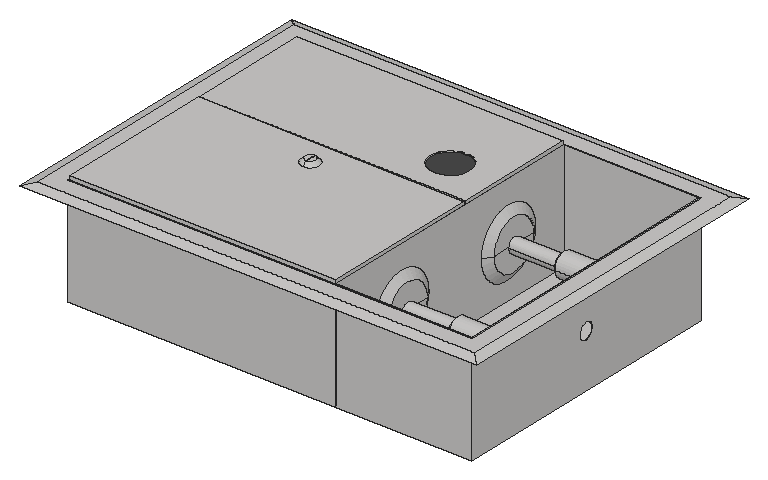
Revit family "xToilet_Tissue_Napkin_Dispenser-Bobrick-ClassicSeries-B-3094", category Specialty Equipment, host Face, Revit 2014
Parameters (values of type "B-3094")
  Width = 17 3/16"
  Warranty Information = "One Year Limited Warranty"
  URL = "http://bobrick.com/"
  Type Comments = ""
  Specification = "Recessed sanitary napkin disposal and toilet tissue dispenser shall be type-304 stainless steel with all-welded construction; exposed surfaces shall have satin finish. Flange shall be drawn and beveled, one-piece, seamless construction. Self-closing disposal panel shall be secured to cabinet with a spring-loaded, full-length stainless steel piano-hinge and equipped with an international graphic symbol identifying napkin disposal. Removable waste receptacle shall be equipped with a tumbler lock keyed like other Bobrick washroom accessories and shall have a minimum capacity of 3/4-gal. (2.8-L). Unit shall be equipped with two chrome-plated plastic toilet tissue spindles that hold standard-core rolls up to 5-1/4'' (135mm) diameter (1800 sheets)."
  Product Page URL = "http://bobrick.com/washroomaccessories/Pages/ProductDetails.aspx?Product+Number=B-3094"
  Product Documentation Link = "http://bobrick.com/Documents/B-3094_td.pdf"
  Price = "Prices may vary. Please consult Manufacturer Representative for most up-to-date price list."  # constant formula
  Model = "B-3094"
  Material = "Stainless Steel-Bobrick-Type 304-Satin"
  Manufacturer = "Bobrick Washroom Equipment, Inc."
  Length = 4 1/4"
  Installation Type = "Recessed"
  Height = 12 3/4"
  Description = "ClassicSeries® Recessed Sanitary Napkin Disposal and Toilet Tissue Dispenser"
  Default Elevation = 30"
  Creation Date = "09/07/2017"
  Assembly Code = "E1010"
  ADA Compliant = yes
Reference planes (in)
  plane 1 "Center (Front/Back)": y = 0
  plane 2: z = 0
  plane 3 "Center (Left/Right)": x = 0
  plane 4: y = -10.75
  plane 5: y = -5.375
  plane 6: x = -7.59375
  plane 7: x = 7.59375
  plane 8: x = -8.59375
  plane 9: x = 8.59375
  plane 10: y = 1
  plane 11: y = -11.75
  plane 12: z = 0.25
  plane 13: z = -4
  plane 14: z = -2
Forms (in)
  Blend 1, solid, material "Stainless Steel-Bobrick-Type 304-Satin"
    base sketch origin (30.97806, 19.6614, -4.1875) x (1, 0, 0) y (0, 1, 0)
      loop
        line (-39.57181, -18.6614) -> (-39.57181, -31.4114) -> (-22.38431, -31.4114) -> (-22.38431, -18.6614) -> (-39.57181, -18.6614)
    top sketch origin (30.97806, 19.6614, -4.1875) x (1, 0, 0) y (0, 1, 0)
      loop
        line (-22.75931, -19.0364) -> (-39.19681, -19.0364) -> (-39.19681, -31.0364) -> (-22.75931, -31.0364) -> (-22.75931, -19.0364)
    from 4.1875 to 4.31252
  Extrusion 2, solid, material "Stainless Steel-Bobrick-Type 304-Satin"
    sketch origin (0, 0, 0) x (1, 0, 0) y (0, 1, 0)
      loop
        line (-7.59375, 0) -> (-7.59375, -10.75) -> (7.59375, -10.75) -> (7.59375, 0) -> (-7.59375, 0)
      loop
        line (7.5625, -10.71875) -> (7.5625, -0.03125) -> (2.46284, -0.03125) -> (2.46284, -10.71875) -> (7.5625, -10.71875)
      loop
        line (-7.5625, -0.03125) -> (-7.5625, -10.71875) -> (2.43159, -10.71875) -> (2.43159, -0.03125) -> (-7.5625, -0.03125)
    from -4 to 0.12502
  Extrusion 3, solid, material "Stainless Steel-Bobrick-Type 304-Satin"
    sketch origin (0, 0, 0) x (1, 0, 0) y (0, 1, 0)
      loop
        line (2.43159, -0.032) -> (-7.56175, -0.032) -> (-7.56175, -4.59874) -> (2.43159, -4.59874) -> (2.43159, -0.032)
      loop
        line (2.43159, -10.718) -> (2.43159, -4.66274) -> (-7.56175, -4.66274) -> (-7.56175, -10.718) -> (2.43159, -10.718)
    from 0.12502 to 0.25
  Extrusion 4, void
    sketch origin (0, 0, 0) x (1, 0, 0) y (0, 1, 0)
      loop
        line (7.59375, 0) -> (-7.59375, 0) -> (-7.59375, -10.75) -> (7.59375, -10.75) -> (7.59375, 0)
    from -4 to 0.25
  Revolve 5, solid, material "Stainless Steel-Bobrick-Type 304-Satin"
    sketch origin (-2.56508, -19.3299, -4.1875) x (0, 1, 0) y (0, 0, 1)
      loop
        line (13.6875, 4.4375) -> (14.01831, 4.4375) -> (13.89331, 4.5625) -> (13.6875, 4.5625) -> (13.6875, 4.4375)
      axis (13.6875, 4.5625) -> (13.6875, 4.4375)
    angle from 0 to 360
  Extrusion 6, void
    sketch origin (0, 0, 0) x (1, 0, 0) y (0, 1, 0)
      loop
        circle (0.68993, -3.13915) r 0.75
      loop
        line (-2.53383, -5.53268) -> (-2.59633, -5.53268) -> (-2.59633, -5.74968) -> (-2.53383, -5.74968) -> (-2.53383, -5.53268)
    from 0.22259 to 0.375
  Revolve 7, solid, material "Stainless Steel-Bobrick-Type 304-Satin"
    sketch origin (0, 0, -2) x (1, 0, 0) y (0, 1, 0)
      loop
        line (7.5625, -2.64509) -> (7.5625, -1.45777) -> (7.36296, -1.77458) -> (7.36296, -2.19761) -> (4.60904, -2.19761) -> (4.4606, -2.3654) -> (2.70055, -2.3654) -> (2.70055, -1.71517) -> (2.46284, -1.36522) -> (2.46284, -2.64509) -> (7.5625, -2.64509)
      axis (2.46284, -2.64509) -> (7.5625, -2.64509)
    angle from 0 to 360
  Revolve 8, solid, material "Stainless Steel-Bobrick-Type 304-Satin"
    sketch origin (0, -5.01075, -2) x (1, 0, 0) y (0, 1, 0)
      loop
        line (7.5625, -2.64509) -> (7.5625, -1.45777) -> (7.36296, -1.77458) -> (7.36296, -2.19761) -> (4.60904, -2.19761) -> (4.4606, -2.3654) -> (2.70055, -2.3654) -> (2.70055, -1.71517) -> (2.46284, -1.36522) -> (2.46284, -2.64509) -> (7.5625, -2.64509)
      axis (2.46284, -2.64509) -> (7.5625, -2.64509)
    angle from 0 to 360
  Extrusion 9, solid, material "Stainless Steel-Bobrick-Type 304-Satin"
    sketch origin (0, 0, -4) x (1, 0, 0) y (0, 1, 0)
      loop
        line (-7.59375, 0) -> (-7.59375, -10.75) -> (7.59375, -10.75) -> (7.59375, 0) -> (-7.59375, 0)
    from 0 to 0.032
  Extrusion 10, void
    sketch origin (0, 0, 0) x (0, 1, 0) y (0, 0, 1)
      loop
        circle (-5.375, -1.99998) r 0.3125
    from 7.5625 to 7.59375
  Extrusion 11, void
    sketch origin (0, 0, 0) x (0, 1, 0) y (0, 0, -1)
      loop
        circle (-5.375, 1.99998) r 0.3125
    from 7.5625 to 7.59375
Cuts and joins
  Extrusion 4, Extrusion 6 cuts Blend 1
  Extrusion 6 cuts Extrusion 3
  Extrusion 6 cuts Revolve 5
  joined: Blend 1, Extrusion 3, Revolve 5, Revolve 7, Revolve 8
  Extrusion 10, Extrusion 11 cuts Extrusion 2
  Extrusion 10, Extrusion 11 cuts Extrusion 9
  joined: Extrusion 2, Extrusion 9
Lines and regions (in)
  Masking region 1
    outline origin (0, 0, 0) x (1, 0, 0) y (0, 0, 1)
      loop
        line (-8.59375, 0) -> (-7.59375, 0) -> (-7.59375, -4) -> (7.59375, -4) -> (7.59375, 0) -> (8.59375, 0) -> (8.21875, 0.12502) -> (2.46284, 0.12502) -> (2.46284, 0.25) -> (-2.23427, 0.25) -> (-2.35927, 0.375) -> (-2.77089, 0.375) -> (-2.89589, 0.25) -> (-7.59375, 0.25) -> (-7.59375, 0.12502) -> (-8.21875, 0.12502) -> (-8.59375, 0)
  symbolic lines, detail levels medium+fine
    curve 1: line (2.46284, 0, 0.12502) -> (-7.59375, 0, 0.12502)
    curve 3: line (7.59375, 0, 0) -> (-7.59375, 0, 0)
  symbolic lines, detail levels fine
    curve 2: line (-2.23427, 0, 0.25) -> (-2.89589, 0, 0.25)
Dimensions and locks (in)
  "Height": plane 11 to plane 10
  plane 4 to plane 1 "Center (Front/Back)" = 10 3/4"
  "Width": plane 8 to plane 9
  plane 6 to plane 7 = 15 3/16"
  "Length": plane 13 to plane 12
  plane 13 to level to plane 12 = 4", 1/4"
  plane 8 to plane 6 = 1"
  plane 7 to plane 9 = 1"
  plane 13 to plane 14 = 2"
  plane 1 "Center (Front/Back)" to plane 4 = 10 3/4"
  aligned and locked: plane 2 to host face
  aligned and locked: level to host face
  aligned and locked: plane 13 to Extrusion 2
Automatic sketch dimensions
  host sketch curve to host sketch curve = 96"  (x2)
  Blend 1 sketch curve to plane 8 = 0"
  Blend 1 sketch curve to plane 9 = 0"
  plane 11 to Blend 1 sketch curve = 0"
  plane 10 to Blend 1 sketch curve = 0"
  plane 8 to Blend 1 sketch curve = 3/8"
  Blend 1 sketch curve to plane 9 = 3/8"
  Blend 1 sketch curve to plane 11 = 3/8"
  plane 10 to Blend 1 sketch curve = 3/8"
  plane 4 to Extrusion 2 sketch curve = 0"
  Extrusion 2 sketch curve to plane 6 = 0"
  plane 1 "Center (Front/Back)" to Extrusion 2 sketch curve = 0"
  Extrusion 2 sketch curve to plane 7 = 0"
  plane 6 to Extrusion 2 sketch curve = 1/32"
  plane 1 "Center (Front/Back)" to Extrusion 2 sketch curve = 1/32"
  plane 3 "Center (Left/Right)" to Extrusion 2 sketch curve = 2.43159"
  Extrusion 2 sketch curve to Extrusion 2 sketch curve = 1/32"
  Extrusion 2 sketch curve to plane 7 = 1/32"
  Extrusion 2 sketch curve to plane 4 = 1/32"  (x2)
  Extrusion 2 sketch curve to Extrusion 2 sketch curve = 0"
  plane 6 to Extrusion 3 sketch curve = 0.032"  (x2)
  plane 1 "Center (Front/Back)" to Extrusion 3 sketch curve = 0.032"
  plane 3 "Center (Left/Right)" to Extrusion 3 sketch curve = 2.43159"
  Extrusion 3 sketch curve to Extrusion 3 sketch curve = 0"
  Extrusion 3 sketch curve to plane 5 = 0.77626"
  Extrusion 3 sketch curve to Extrusion 3 sketch curve = 0.064"
  Extrusion 3 sketch curve to plane 4 = 0.032"
  plane 1 "Center (Front/Back)" to Extrusion 4 sketch curve = 0"
  Extrusion 4 sketch curve to plane 6 = 0"
  plane 4 to Extrusion 4 sketch curve = 0"
  Extrusion 4 sketch curve to plane 7 = 0"
  plane 12 to Revolve 5 sketch curve = 0"
  Revolve 5 sketch curve to plane 12 = 1/8"
  plane 5 to Revolve 5 sketch curve = 0.2674"
  plane 5 to Revolve 5 sketch curve = 0.0616"
  Revolve 5 sketch curve to plane 5 = 0.0634"
  Revolve 5 sketch curve to Revolve 5 sketch curve = 0"
  Revolve 5 sketch curve to plane 12 = 0.04717"
  Revolve 5 sketch curve to Revolve 5 sketch curve = 0.03268"
  plane 3 "Center (Left/Right)" to Extrusion 6 sketch curve = 0.68993"
  plane 5 to Extrusion 6 sketch curve = 0.37468"
  plane 5 to Extrusion 6 sketch curve = 0.15768"
  Extrusion 6 sketch curve to plane 5 = 2.23585"
  plane 3 "Center (Left/Right)" to Revolve 7 sketch curve = 2.46284"
  Revolve 7 sketch curve to Revolve 7 sketch curve = 0.23771"
  Revolve 7 sketch curve to Revolve 7 sketch curve = 1.76005"
  Revolve 7 sketch curve to Revolve 7 sketch curve = 19/128"
  Revolve 7 sketch curve to plane 7 = 0.23079"
  Revolve 7 sketch curve to plane 7 = 1/32"
  plane 1 "Center (Front/Back)" to Revolve 7 sketch curve = 2.64509"
  Revolve 7 sketch curve to Revolve 7 sketch curve = 0.27969"  (x2)
  Revolve 7 sketch curve to Revolve 7 sketch curve = 0.16779"
  Revolve 7 sketch curve to Revolve 7 sketch curve = 0.42303"
  Revolve 7 sketch curve to Revolve 7 sketch curve = 0.65022"
  Revolve 7 sketch curve to Revolve 7 sketch curve = 0.31681"
  Revolve 7 sketch curve to Revolve 7 sketch curve = 0.34995"
  Revolve 7 sketch curve to Revolve 7 sketch curve = 0.79883"
  Revolve 7 sketch curve to Revolve 7 sketch curve = 0.42682"
  plane 3 "Center (Left/Right)" to Revolve 8 sketch curve = 2.46284"
  Revolve 8 sketch curve to Revolve 8 sketch curve = 0.23771"
  Revolve 8 sketch curve to Revolve 8 sketch curve = 1.76005"
  Revolve 8 sketch curve to Revolve 8 sketch curve = 19/128"
  Revolve 8 sketch curve to plane 7 = 0.23079"
  Revolve 8 sketch curve to plane 7 = 1/32"
  plane 5 to Revolve 8 sketch curve = 2.28084"
  Revolve 8 sketch curve to Revolve 8 sketch curve = 0.27969"  (x2)
  Revolve 8 sketch curve to Revolve 8 sketch curve = 0.16779"
  Revolve 8 sketch curve to Revolve 8 sketch curve = 0.42303"
  Revolve 8 sketch curve to Revolve 8 sketch curve = 0.65022"
  Revolve 8 sketch curve to Revolve 8 sketch curve = 0.31681"
  Revolve 8 sketch curve to Revolve 8 sketch curve = 0.34995"
  Revolve 8 sketch curve to Revolve 8 sketch curve = 0.79883"
  Revolve 8 sketch curve to Revolve 8 sketch curve = 0.42682"
  plane 4 to Extrusion 9 sketch curve = 0"
  Extrusion 9 sketch curve to plane 6 = 0"
  Extrusion 9 sketch curve to plane 7 = 0"
  plane 1 "Center (Front/Back)" to Extrusion 9 sketch curve = 0"
  Extrusion 10 sketch curve to plane 5 = 0"
  plane 14 to Extrusion 10 sketch curve = 0.00002"
  Extrusion 11 sketch curve to plane 5 = 0"
  plane 14 to Extrusion 11 sketch curve = 0.00002"
  Extrusion 6 sketch curve to plane 3 "Center (Left/Right)" = 2.53383"
  Extrusion 6 sketch curve to Extrusion 6 sketch curve = 1/16"
  Masking region 1 sketch curve to plane 8 = 0"
  Masking region 1 sketch curve to plane 6 = 0"  (x2)
  Masking region 1 sketch curve to plane 12 = 0"  (x2)
  Masking region 1 sketch curve to level = 0"  (x2)
  Masking region 1 sketch curve to plane 7 = 0"
  Masking region 1 sketch curve to plane 9 = 0"
  plane 12 to Masking region 1 sketch curve = 0.12498"  (x2)
  plane 8 to Masking region 1 sketch curve = 3/8"
  Masking region 1 sketch curve to plane 3 "Center (Left/Right)" = 2.89589"
  Masking region 1 sketch curve to plane 12 = 1/8"
  Masking region 1 sketch curve to Masking region 1 sketch curve = 1/8"  (x2)
  Masking region 1 sketch curve to Masking region 1 sketch curve = 0.41161"
  plane 3 "Center (Left/Right)" to Masking region 1 sketch curve = 2.46284"
  Masking region 1 sketch curve to plane 9 = 3/8"
  Masking region 1 sketch curve to plane 13 = 0"
  curve 1 to plane 6 = 0"
  curve 3 to level = 0"
  curve 3 to plane 6 = 0"
  curve 2 to plane 12 = 0"
  curve 3 to plane 7 = 0"
  curve 2 to plane 3 "Center (Left/Right)" = 2.89589"
  curve 2 to curve 2 = 0.66161"
  plane 12 to curve 1 = 0.12498"
  plane 3 "Center (Left/Right)" to curve 1 = 2.46284"
  radius of Extrusion 6 sketch curve = 3/4"
  radius of Extrusion 10 sketch curve = 5/16"
  radius of Extrusion 11 sketch curve = 5/16"
